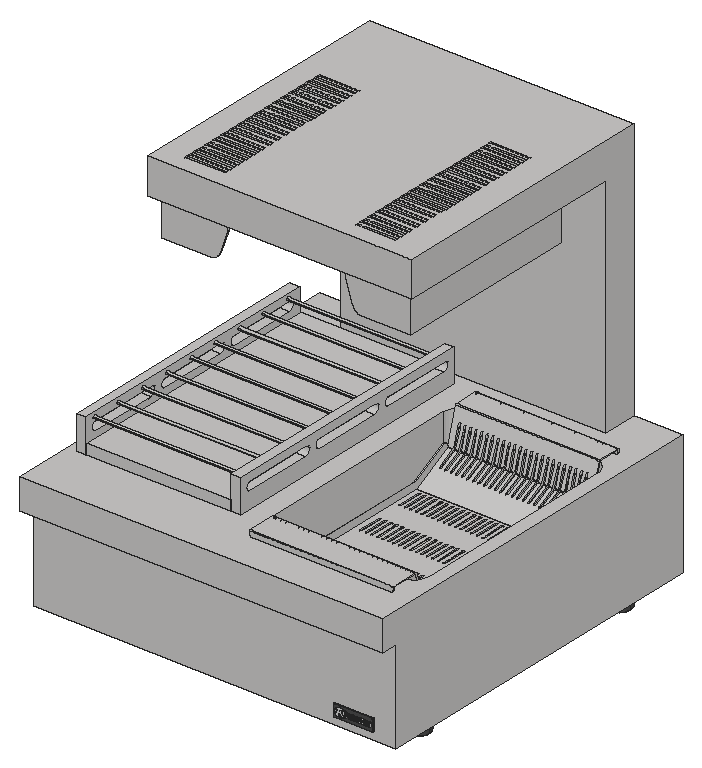
Revit family "QF_MACOM_CF72C-2M", category Equipamento especial, Revit 2020 (continued)
Definition of nested family "ESCORREDOR_CF"
  Forms (mm)
    Extrusion 4, void
      sketch origin (0, 0, 0) x (1, 0, 0) y (0, 1, 0)
        loop
          line (145.38, 455.696) -> (145.38, 500.696)
          arc (145.38, 500.696) -> (142.88, 503.196) -> (140.38, 500.696) r 2.5
        loop
          line (151.38, 500.696) -> (151.38, 455.696)
          arc (151.38, 455.696) -> (153.88, 453.196) -> (156.38, 455.696) r 2.5
          line (156.38, 455.696) -> (156.38, 500.696)
          arc (156.38, 500.696) -> (153.88, 503.196) -> (151.38, 500.696) r 2.5
        loop
          line (162.38, 500.696) -> (162.38, 455.696)
          arc (162.38, 455.696) -> (164.88, 453.196) -> (167.38, 455.696) r 2.5
          line (167.38, 455.696) -> (167.38, 500.696)
          arc (167.38, 500.696) -> (164.88, 503.196) -> (162.38, 500.696) r 2.5
        loop
          line (173.38, 500.696) -> (173.38, 455.696)
          arc (173.38, 455.696) -> (175.88, 453.196) -> (178.38, 455.696) r 2.5
          line (178.38, 455.696) -> (178.38, 500.696)
          arc (178.38, 500.696) -> (175.88, 503.196) -> (173.38, 500.696) r 2.5
        loop
          line (184.38, 500.696) -> (184.38, 455.696)
          arc (184.38, 455.696) -> (186.88, 453.196) -> (189.38, 455.696) r 2.5
          line (189.38, 455.696) -> (189.38, 500.696)
          arc (189.38, 500.696) -> (186.88, 503.196) -> (184.38, 500.696) r 2.5
        loop
          line (195.38, 500.696) -> (195.38, 455.696)
          arc (195.38, 455.696) -> (197.88, 453.196) -> (200.38, 455.696) r 2.5
          line (200.38, 455.696) -> (200.38, 500.696)
          arc (200.38, 500.696) -> (197.88, 503.196) -> (195.38, 500.696) r 2.5
        loop
          line (206.38, 500.696) -> (206.38, 455.696)
          arc (206.38, 455.696) -> (208.88, 453.196) -> (211.38, 455.696) r 2.5
          line (211.38, 455.696) -> (211.38, 500.696)
          arc (211.38, 500.696) -> (208.88, 503.196) -> (206.38, 500.696) r 2.5
        loop
          line (217.38, 500.696) -> (217.38, 455.696)
          arc (217.38, 455.696) -> (219.88, 453.196) -> (222.38, 455.696) r 2.5
          line (222.38, 455.696) -> (222.38, 500.696)
          arc (222.38, 500.696) -> (219.88, 503.196) -> (217.38, 500.696) r 2.5
        loop
          line (228.38, 500.696) -> (228.38, 455.696)
          arc (228.38, 455.696) -> (230.88, 453.196) -> (233.38, 455.696) r 2.5
          line (233.38, 455.696) -> (233.38, 500.696)
          arc (233.38, 500.696) -> (230.88, 503.196) -> (228.38, 500.696) r 2.5
        loop
          line (239.38, 500.696) -> (239.38, 455.696)
          arc (239.38, 455.696) -> (241.88, 453.196) -> (244.38, 455.696) r 2.5
          line (244.38, 455.696) -> (244.38, 500.696)
          arc (244.38, 500.696) -> (241.88, 503.196) -> (239.38, 500.696) r 2.5
        loop
          line (250.38, 500.696) -> (250.38, 455.696)
          arc (250.38, 455.696) -> (252.88, 453.196) -> (255.38, 455.696) r 2.5
          line (255.38, 455.696) -> (255.38, 500.696)
          arc (255.38, 500.696) -> (252.88, 503.196) -> (250.38, 500.696) r 2.5
        loop
          line (261.38, 500.696) -> (261.38, 455.696)
          arc (261.38, 455.696) -> (263.88, 453.196) -> (266.38, 455.696) r 2.5
          line (266.38, 455.696) -> (266.38, 500.696)
          arc (266.38, 500.696) -> (263.88, 503.196) -> (261.38, 500.696) r 2.5
        loop
          line (272.38, 500.696) -> (272.38, 455.696)
          arc (272.38, 455.696) -> (274.88, 453.196) -> (277.38, 455.696) r 2.5
          line (277.38, 455.696) -> (277.38, 500.696)
          arc (277.38, 500.696) -> (274.88, 503.196) -> (272.38, 500.696) r 2.5
      from -108.351 to 37.347
    Extrusion 5, void
      sketch origin (0, 0, 0) x (1, 0, 0) y (0, 0, 1)
        loop
          line (7.42, 5) -> (7.42, 0) -> (12.42, 0)
          arc (12.42, 0) -> (8.884, 1.464) -> (7.42, 5) r 5
        loop
          arc (292.102, 5) -> (290.638, 1.464) -> (287.102, 0) r 5
          line (287.102, 0) -> (292.102, 0) -> (292.102, 5)
      from -2.589 to 1.482
    Extrusion 6, void
      sketch origin (0, 563, 0) x (1, 0, 0) y (0, 0, -1)
        loop
          line (292.102, -5) -> (292.102, 0) -> (287.102, 0)
          arc (287.102, 0) -> (290.638, -1.464) -> (292.102, -5) r 5
        loop
          arc (7.42, -5) -> (8.884, -1.464) -> (12.42, 0) r 5
          line (12.42, 0) -> (7.42, 0) -> (7.42, -5)
      from -6.1 to -2.505
  Cuts and joins
    Extrusion 4, Extrusion 5, Extrusion 6 cuts Extrusion 1
  Dimensions and locks
    aligned and locked: level to plane 2
  Automatic sketch dimensions
    Extrusion 2 sketch curve to plane 1 "Center (Front/Back)" = 69.631 mm
    Extrusion 2 sketch curve to Extrusion 2 sketch curve = 7.439 mm
    Extrusion 2 sketch curve to Extrusion 2 sketch curve = 3.247 mm
    Extrusion 2 sketch curve to level = 48.542 mm
    Extrusion 2 sketch curve to Extrusion 2 sketch curve = 2.219 mm  (x2)
    Extrusion 2 sketch curve to Extrusion 2 sketch curve = 65.269 mm
    Extrusion 2 sketch curve to level = 80.866 mm
    Extrusion 2 sketch curve to Extrusion 2 sketch curve = 2.244 mm
    Extrusion 2 sketch curve to Extrusion 2 sketch curve = 0.908 mm  (x2)
    Extrusion 2 sketch curve to Extrusion 2 sketch curve = 4.862 mm
    Extrusion 2 sketch curve to level = 85.319 mm  (x2)
    Extrusion 2 sketch curve to Extrusion 2 sketch curve = 0.287 mm
    Extrusion 2 sketch curve to Extrusion 2 sketch curve = 3.403 mm  (x2)
    Extrusion 2 sketch curve to plane 5 = 123.877 mm
    Extrusion 2 sketch curve to Extrusion 2 sketch curve = 0.276 mm
    Extrusion 2 sketch curve to Extrusion 2 sketch curve = 1.721 mm
    Extrusion 2 sketch curve to level = 80.847 mm
    Extrusion 2 sketch curve to Extrusion 2 sketch curve = 2.868 mm
    Extrusion 2 sketch curve to Extrusion 2 sketch curve = 2.27 mm  (x2)
    Extrusion 2 sketch curve to level = 46.449 mm
    Extrusion 2 sketch curve to Extrusion 2 sketch curve = 67.509 mm
    Extrusion 2 sketch curve to level = 48.634 mm
    Extrusion 2 sketch curve to Extrusion 2 sketch curve = 4.455 mm
    Extrusion 2 sketch curve to level = 55.762 mm
    Extrusion 2 sketch curve to Extrusion 2 sketch curve = 3.632 mm
    Extrusion 2 sketch curve to Extrusion 2 sketch curve = 0.218 mm  (x2)
    Extrusion 2 sketch curve to Extrusion 2 sketch curve = 1.195 mm
    Extrusion 2 sketch curve to Extrusion 2 sketch curve = 1.15 mm
    Extrusion 2 sketch curve to Extrusion 2 sketch curve = 0.817 mm
    Extrusion 2 sketch curve to Extrusion 2 sketch curve = 7.032 mm
    Extrusion 2 sketch curve to Extrusion 2 sketch curve = 4.481 mm
    Extrusion 3 sketch curve to plane 1 "Center (Front/Back)" = 69.631 mm
    Extrusion 3 sketch curve to Extrusion 3 sketch curve = 7.439 mm
    Extrusion 3 sketch curve to Extrusion 3 sketch curve = 3.247 mm
    Extrusion 3 sketch curve to level = 48.542 mm
    Extrusion 3 sketch curve to Extrusion 3 sketch curve = 2.219 mm  (x2)
    Extrusion 3 sketch curve to Extrusion 3 sketch curve = 65.269 mm
    Extrusion 3 sketch curve to level = 80.866 mm
    Extrusion 3 sketch curve to Extrusion 3 sketch curve = 2.244 mm
    Extrusion 3 sketch curve to Extrusion 3 sketch curve = 0.908 mm  (x2)
    Extrusion 3 sketch curve to Extrusion 3 sketch curve = 4.862 mm
    Extrusion 3 sketch curve to level = 85.319 mm  (x2)
    Extrusion 3 sketch curve to Extrusion 3 sketch curve = 0.287 mm
    Extrusion 3 sketch curve to Extrusion 3 sketch curve = 3.403 mm  (x2)
    Extrusion 3 sketch curve to plane 5 = 123.877 mm
    Extrusion 3 sketch curve to Extrusion 3 sketch curve = 0.276 mm
    Extrusion 3 sketch curve to Extrusion 3 sketch curve = 1.721 mm
    Extrusion 3 sketch curve to level = 80.847 mm
    Extrusion 3 sketch curve to Extrusion 3 sketch curve = 2.868 mm
    Extrusion 3 sketch curve to Extrusion 3 sketch curve = 2.27 mm  (x2)
    Extrusion 3 sketch curve to level = 46.449 mm
    Extrusion 3 sketch curve to Extrusion 3 sketch curve = 67.509 mm
    Extrusion 3 sketch curve to level = 48.634 mm
    Extrusion 3 sketch curve to Extrusion 3 sketch curve = 4.455 mm  (x2)
    Extrusion 3 sketch curve to level = 55.762 mm
    Extrusion 3 sketch curve to Extrusion 3 sketch curve = 3.632 mm
    Extrusion 3 sketch curve to Extrusion 3 sketch curve = 0.679 mm
    Extrusion 3 sketch curve to Extrusion 3 sketch curve = 6.353 mm
    Extrusion 3 sketch curve to Extrusion 3 sketch curve = 2.683 mm
    Extrusion 3 sketch curve to Extrusion 3 sketch curve = 4.481 mm
    Extrusion 3 sketch curve to Extrusion 3 sketch curve = 7.122 mm
    Extrusion 3 sketch curve to Extrusion 3 sketch curve = 1.782 mm
    Extrusion 4 sketch curve to Extrusion 4 sketch curve = 2.50 mm  (x117)
    Extrusion 4 sketch curve to Extrusion 4 sketch curve = 6.00 mm  (x109)
    Extrusion 4 sketch curve to plane 4 = 1.02 mm  (x2)
    plane 4 to Extrusion 4 sketch curve = 1.35 mm  (x3)
    plane 4 to Extrusion 4 sketch curve = 1.48 mm  (x2)
    Extrusion 4 sketch curve to Extrusion 4 sketch curve = 5.149 mm
    Extrusion 4 sketch curve to Extrusion 4 sketch curve = 2.926 mm
    Extrusion 4 sketch curve to Extrusion 4 sketch curve = 4.71 mm
    Extrusion 4 sketch curve to Extrusion 4 sketch curve = 7.29 mm
    Extrusion 4 sketch curve to Extrusion 4 sketch curve = 0.00 mm  (x223)
    Extrusion 4 sketch curve to Extrusion 4 sketch curve = 0.139 mm  (x2)
    Extrusion 4 sketch curve to Extrusion 4 sketch curve = 45.00 mm  (x9)
    Extrusion 4 sketch curve to plane 5 = 19.225 mm
    Extrusion 1 sketch curve to plane 1 "Center (Front/Back)" = 0.00 mm
    Extrusion 1 sketch curve to level = 0.00 mm  (x2)
    Extrusion 1 sketch curve to Extrusion 1 sketch curve = 0.50 mm  (x3)
    Extrusion 1 sketch curve to Extrusion 1 sketch curve = 1.50 mm  (x6)
    Extrusion 1 sketch curve to Extrusion 1 sketch curve = 53.193 mm
    level to Extrusion 1 sketch curve = 8.682 mm
    Extrusion 1 sketch curve to Extrusion 1 sketch curve = 0.983 mm  (x2)
    Extrusion 1 sketch curve to Extrusion 1 sketch curve = 1.248 mm
    level to Extrusion 1 sketch curve = 10.182 mm
    Extrusion 1 sketch curve to Extrusion 1 sketch curve = 12.053 mm
    Extrusion 1 sketch curve to Extrusion 1 sketch curve = 1.273 mm
    Extrusion 1 sketch curve to Extrusion 1 sketch curve = 0.497 mm  (x3)
    Extrusion 1 sketch curve to Extrusion 1 sketch curve = 0.454 mm  (x3)
    Extrusion 1 sketch curve to Extrusion 1 sketch curve = 77.469 mm
    Extrusion 1 sketch curve to Extrusion 1 sketch curve = 0.36 mm  (x3)
    Extrusion 1 sketch curve to Extrusion 1 sketch curve = 0.908 mm  (x2)
    Extrusion 1 sketch curve to level = 93.636 mm  (x2)
    Extrusion 1 sketch curve to plane 5 = 129.278 mm
    Extrusion 1 sketch curve to Extrusion 1 sketch curve = 0.548 mm
    Extrusion 1 sketch curve to Extrusion 1 sketch curve = 78.284 mm
    Extrusion 1 sketch curve to level = 55.762 mm
    Extrusion 1 sketch curve to level = 55.18 mm
    Extrusion 1 sketch curve to Extrusion 1 sketch curve = 0.284 mm
    Extrusion 1 sketch curve to level = 56.816 mm
    Extrusion 1 sketch curve to level = 56.234 mm
    level to Extrusion 1 sketch curve = 10.309 mm
    Extrusion 1 sketch curve to Extrusion 1 sketch curve = 21.279 mm
    Extrusion 1 sketch curve to Extrusion 1 sketch curve = 0.951 mm  (x2)
    level to Extrusion 1 sketch curve = 8.809 mm
    Extrusion 1 sketch curve to Extrusion 1 sketch curve = 0.139 mm
    level to Extrusion 1 sketch curve = 9.50 mm
    Extrusion 1 sketch curve to Extrusion 1 sketch curve = 44.184 mm
    Extrusion 1 sketch curve to Extrusion 1 sketch curve = 0.282 mm
    Extrusion 1 sketch curve to level = 56.543 mm
    Extrusion 1 sketch curve to Extrusion 1 sketch curve = 0.781 mm
    Extrusion 1 sketch curve to Extrusion 1 sketch curve = 0.582 mm
    Extrusion 1 sketch curve to Extrusion 1 sketch curve = 1.00 mm
    Extrusion 1 sketch curve to Extrusion 1 sketch curve = 0.182 mm
    Extrusion 4 sketch curve to plane 1 "Center (Front/Back)" = 65.725 mm
    plane 5 to Extrusion 4 sketch curve = 25.775 mm  (x2)
    Extrusion 4 sketch curve to Extrusion 4 sketch curve = 54.972 mm
    Extrusion 4 sketch curve to Extrusion 4 sketch curve = 55.00 mm
    Extrusion 4 sketch curve to plane 4 = 4.65 mm  (x3)
    Extrusion 5 sketch curve to level = 0.00 mm  (x2)
    plane 3 "Center (Left/Right)" to Extrusion 5 sketch curve = 7.42 mm
    Extrusion 5 sketch curve to Extrusion 5 sketch curve = 5.00 mm  (x2)
    plane 4 to Extrusion 5 sketch curve = 134.702 mm
    Extrusion 6 sketch curve to level = 0.00 mm  (x2)
    Extrusion 6 sketch curve to Extrusion 6 sketch curve = 5.00 mm
    level to Extrusion 6 sketch curve = 5.00 mm
    plane 4 to Extrusion 6 sketch curve = 134.702 mm
    plane 3 "Center (Left/Right)" to Extrusion 6 sketch curve = 12.42 mm
Definition of nested family "EXPOSITOR"
  Parameters (values of type "EXPOSITOR")
    Default Elevation = 0.00 mm
  Reference planes
    plane 1 "Center (Front/Back)": y = 0
    plane 2: z = 0
    plane 3 "Center (Left/Right)": x = 0
    plane 4: y = -530
    plane 5: x = 162.5
    plane 6: x = -162.5
    plane 7: x = 161
    plane 8: x = -161
    plane 9: z = 66
    plane 10: y = -528.5
    plane 11: y = -1.5
    plane 12: y = -265
  Forms (mm)
    Extrusion 1, solid
      sketch origin (0, 0, 0) x (0, 1, 0) y (0, 0, 1)
        loop
          circle (-31, 58.75) r 2.5
        loop
          circle (-91, 58.75) r 2.5
        loop
          circle (-151, 58.75) r 2.5
        loop
          circle (-211, 58.75) r 2.5
        loop
          circle (-271, 58.75) r 2.5
        loop
          circle (-331, 58.75) r 2.5
        loop
          circle (-391, 58.75) r 2.5
        loop
          circle (-451, 58.75) r 2.5
        loop
          circle (-511, 58.75) r 2.5
      from -144 to 144
    Extrusion 2, solid
      sketch origin (0, 0, 0) x (1, 0, 0) y (0, 0, 1)
        loop
          line (-144, 0) -> (144, 0) -> (144, 20) -> (-144, 20) -> (-144, 0)
      from 0 to 530
    Extrusion 3, solid
      sketch origin (0, 0, 0) x (1, 0, 0) y (0, 0, 1)
        loop
          line (-162.5, 0) -> (-144, 0) -> (-144, 66) -> (-162.5, 66) -> (-162.5, 0)
        loop
          line (162.5, 0) -> (162.5, 66) -> (144, 66) -> (144, 0) -> (162.5, 0)
      from 0 to 530
    Extrusion 4, void
      sketch origin (162.5, 0, 4.897) x (0, 0, 1) y (0, 1, 0)
        loop
          line (27.103, -24) -> (27.103, -162)
          arc (27.103, -162) -> (36.603, -171.5) -> (46.103, -162) r 9.5
          line (46.103, -162) -> (46.103, -24)
          arc (46.103, -24) -> (36.603, -14.5) -> (27.103, -24) r 9.5
        loop
          arc (46.103, -196) -> (36.603, -186.5) -> (27.103, -196) r 9.5
          line (27.103, -196) -> (27.103, -334)
          arc (27.103, -334) -> (36.603, -343.5) -> (46.103, -334) r 9.5
          line (46.103, -334) -> (46.103, -196)
        loop
          line (27.103, -368) -> (27.103, -506)
          arc (27.103, -506) -> (36.603, -515.5) -> (46.103, -506) r 9.5
          line (46.103, -506) -> (46.103, -368)
          arc (46.103, -368) -> (36.603, -358.5) -> (27.103, -368) r 9.5
      from 0 to 325
  Cuts and joins
    Extrusion 4 cuts Extrusion 1
    Extrusion 4 cuts Extrusion 3
  Dimensions and locks
    aligned and locked: level to plane 2
Definition of nested family "LOGOTIPO MACOM"
  Parameters (values of type "LOGOTIPO MACOM")
    Default Elevation = 0.00 mm
  Reference planes
    plane 1 "Centro (Frente/Trás)": y = 0
    plane 2: z = 0
    plane 3 "Centro (Esquerda/Direita)": x = 0
    plane 4: z = 9.186
    plane 5: z = 16.297
    plane 6: z = 12.742
    plane 7: x = -24.005
  Forms (mm)
    Extrusion 1, solid
      sketch origin (0, 4.488, 0.011) x (1, 0, 0) y (0, 0.000061, 1)
        loop
          arc (-37.5, 25.9) -> (-39.268, 25.168) -> (-40, 23.4) r 2.5
          line (-40, 23.4) -> (-40, 2.5)
          arc (-40, 2.5) -> (-39.268, 0.732) -> (-37.5, 0) r 2.5
          line (-37.5, 0) -> (37.5, 0)
          arc (37.5, 0) -> (39.268, 0.732) -> (40, 2.5) r 2.5
          line (40, 2.5) -> (40, 23.4)
          arc (40, 23.4) -> (39.268, 25.168) -> (37.5, 25.9) r 2.5
          line (37.5, 25.9) -> (-37.5, 25.9)
      from 5.474 to 4.489
    Extrusion 2, solid
      sketch origin (0, 4.488, 0.011) x (1, 0, 0) y (0, 0.000061, 1)
        loop
          arc (-39, 3.5) -> (-38.268, 1.732) -> (-36.5, 1) r 2.5
          line (-36.5, 1) -> (36.5, 1)
          arc (36.5, 1) -> (38.268, 1.732) -> (39, 3.5) r 2.5
          line (39, 3.5) -> (39, 22.668)
          arc (39, 22.668) -> (38.268, 24.436) -> (36.5, 25.168) r 2.5
          line (36.5, 25.168) -> (-36.5, 25.168)
          arc (-36.5, 25.168) -> (-38.268, 24.436) -> (-39, 22.668) r 2.5
          line (-39, 22.668) -> (-39, 3.5)
      from 5.474 to 6.289
    Extrusion 3, solid
      sketch origin (24.652, 4.488, 0.011) x (-1, 0, 0) y (0, -0.000061, -1)
        loop
          line (32.653, -17.092) -> (32.653, -8.35) -> (30.809, -8.35) -> (30.809, -14.038)
          arc (30.809, -14.038) -> (30.194, -14.653) -> (29.579, -14.038) r 0.615
          line (29.579, -14.038) -> (29.579, -8.35) -> (27.735, -8.35) -> (27.735, -14.038)
          arc (27.735, -14.038) -> (27.12, -14.653) -> (26.506, -14.038) r 0.615
          line (26.506, -14.038) -> (26.506, -8.35) -> (24.661, -8.35) -> (24.661, -15.193)
          arc (24.661, -15.193) -> (25.218, -16.536) -> (26.561, -17.092) r 1.899
          line (26.561, -17.092) -> (32.653, -17.092)
        loop
          line (23.432, -8.347) -> (21.476, -8.347) -> (21.476, -10.838) -> (19.632, -10.838) -> (19.632, -8.347) -> (17.9, -8.347) -> (17.9, -15.248)
          arc (17.9, -15.248) -> (18.44, -16.552) -> (19.744, -17.092) r 1.844
          line (19.744, -17.092) -> (23.432, -17.092) -> (23.432, -8.347)
        loop
          line (19.744, -12.773) -> (19.744, -14.314)
          arc (19.744, -14.314) -> (19.926, -14.753) -> (20.365, -14.935) r 0.621
          line (20.365, -14.935) -> (21.588, -14.935) -> (21.588, -12.773) -> (19.744, -12.773)
        loop
          line (-1.629, -17.092) -> (-1.629, -8.35) -> (-3.474, -8.35) -> (-3.474, -14.038)
          arc (-3.474, -14.038) -> (-4.088, -14.653) -> (-4.703, -14.038) r 0.615
          line (-4.703, -14.038) -> (-4.703, -8.35) -> (-6.547, -8.35) -> (-6.547, -14.038)
          arc (-6.547, -14.038) -> (-7.162, -14.653) -> (-7.777, -14.038) r 0.615
          line (-7.777, -14.038) -> (-7.777, -8.35) -> (-9.621, -8.35) -> (-9.621, -15.193)
          arc (-9.621, -15.193) -> (-9.064, -16.536) -> (-7.721, -17.092) r 1.899
          line (-7.721, -17.092) -> (-1.629, -17.092)
        loop
          line (9.587, -17.092) -> (12.299, -17.092)
          arc (12.299, -17.092) -> (16.67, -12.721) -> (12.299, -8.35) r 4.371
          line (12.299, -8.35) -> (9.754, -8.35) -> (9.754, -10.194) -> (12.276, -10.194)
          arc (12.276, -10.194) -> (14.804, -12.721) -> (12.276, -15.248) r 2.527
          line (12.276, -15.248) -> (9.587, -15.248) -> (9.587, -17.092)
        loop
          line (56.832, -8.05) -> (55.056, -18.123)
          spline (55.056, -18.123) -> (56.262, -17.518) -> (57.317, -16.815) -> (58.199, -16.029) -> (58.892, -15.175) -> (59.381, -14.269) -> (59.658, -13.331) -> (59.715, -12.378) -> (59.552, -11.43) -> (59.173, -10.505) -> (58.585, -9.622) -> (57.799, -8.798) -> (56.832, -8.05)
        loop
          spline (53.362, -6.487) -> (53.217, -6.446) -> (53.071, -6.406) -> (52.923, -6.368) -> (52.775, -6.331) -> (52.626, -6.295) -> (52.476, -6.26) -> (52.326, -6.227) -> (52.174, -6.195) -> (52.022, -6.165) -> (51.869, -6.136) -> (51.715, -6.108) -> (51.561, -6.082)
          line (51.561, -6.082) -> (49.643, -16.962)
          arc (49.643, -16.962) -> (50.579, -17.898) -> (51.515, -16.962) r 0.936
          line (51.515, -16.962) -> (53.362, -6.487)
        loop
          spline (48.156, -5.852) -> (48, -5.857) -> (47.843, -5.863) -> (47.687, -5.871) -> (47.531, -5.88) -> (47.375, -5.89) -> (47.22, -5.902) -> (47.065, -5.915) -> (46.91, -5.929) -> (46.755, -5.945) -> (46.601, -5.962) -> (46.447, -5.981) -> (46.294, -6.001)
          line (46.294, -6.001) -> (44.358, -16.978)
          arc (44.358, -16.978) -> (45.276, -17.896) -> (46.195, -16.978) r 0.918
          line (46.195, -16.978) -> (48.156, -5.852)
        loop
          spline (42.364, -7.044) -> (41.131, -7.649) -> (40.051, -8.356) -> (39.147, -9.149) -> (38.437, -10.014) -> (37.937, -10.931) -> (37.655, -11.882) -> (37.599, -12.848) -> (37.768, -13.809) -> (38.16, -14.746) -> (38.767, -15.639) -> (39.575, -16.47) -> (40.57, -17.222)
          line (40.57, -17.222) -> (42.364, -7.044)
        loop
          spline (61.565, -12.773) -> (61.125, -10.691) -> (59.836, -8.75) -> (57.784, -7.084) -> (55.111, -5.806) -> (51.997, -5.002) -> (48.656, -4.728) -> (45.315, -5.002) -> (42.202, -5.806) -> (39.528, -7.084) -> (37.477, -8.75) -> (36.187, -10.691) -> (35.747, -12.773)
          spline (35.747, -12.773) -> (36.187, -14.855) -> (37.477, -16.795) -> (39.528, -18.461) -> (42.202, -19.74) -> (45.315, -20.544) -> (48.656, -20.818) -> (51.997, -20.544) -> (55.111, -19.74) -> (57.784, -18.461) -> (59.836, -16.795) -> (61.125, -14.855) -> (61.565, -12.773)
        loop
          circle (3.963, -12.726) r 4.377
        loop
          circle (3.963, -12.726) r 2.582
      from 6.289 to 6.977
  Dimensions and locks
    equal spacing: plane 5, plane 6, plane 4
    aligned and locked: level to plane 2
